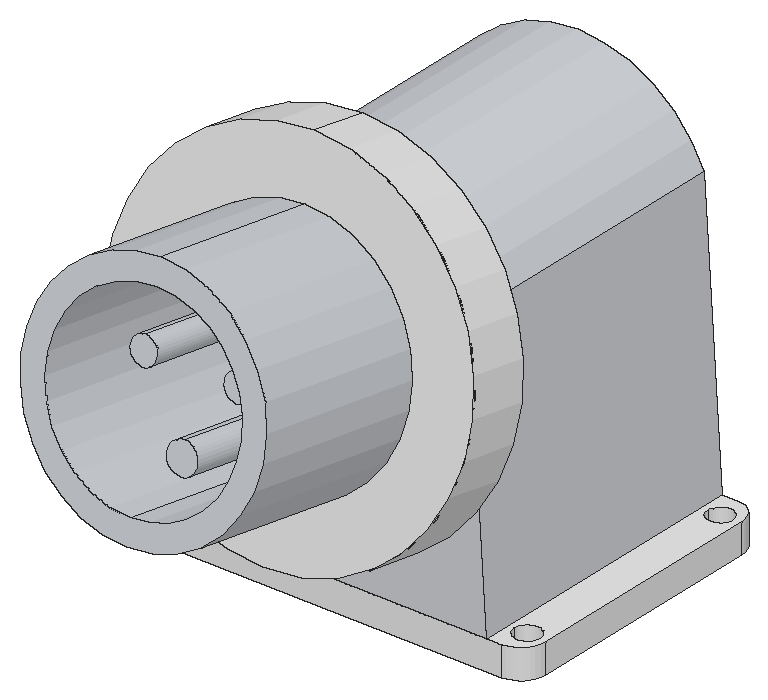
Revit family "Building-IEC309Connections-GEWISS-IEC309HP-90°_SURFACE_MOUNT_INLET_16A_IP67", category Apparecchi elettrici, host Superficie, Revit 2019
Family settings
  Host = Superficie
  Mantenere orientamento annotazione = Sì
  Quota connettore circolare = Usa diametro
  Tipo di parte = Normale
  Taglio con vuoti quando caricato = No
  Condiviso = Sì
  Punto di calcolo locali = Sì
Parameters (values of type "GW60433 - IP67 90°APPL.INLET 3P+N+E 16A 500V 7H")
  simbolo acceso [instance] = yes
  distanza_simbolo [instance] = 1 mm
  distanza dal piano [instance] = 0 mm
  W = 115 mm  # constant formula
  Version file RFA = "21.11"
  URL = "https://www.gewiss.com/ww/en"
  Typology = "90° angled surface mounting inlet"
  Type of wiring = "With screw"
  Total number of operations = "-5000"
  Thermo-pressure with ball = "125 °C (active parts) - 80 °C (passive parts)"
  Terminal tightening capacity = "1-2.5mm² flexible cables - 1.5-4mm² rigid cables"
  Technical sheet = "https://www.gewiss.com/ww/en/search?q=GW60433"
  Spostamento_effettivo_S [instance] = 4000 mm - Spostamento_S  # 3045 mm
  Spostamento_S = 955 mm
  Shock resistance = "IK08"
  SPinotto = Default(2)
  SEO = "Inlet"
  Reference h = "7"
  Realized by GEWISS S.p.A. = ""
  Rated voltage = "480-500V"
  Rated current (A) = "16"
  Default Elevation = 1219.2 mm
  Produttore = "GEWISS S.p.A."
  Piastra = Default(2)
  Permissible overload = "22A"
  Operating temperature: = "-25 +55 °C"
  No. of poles = "3P+N+E"
  Model = "GW60433"
  L = 155 mm  # constant formula
  Insulation resistance = "- 10 M?"
  Immagine tipo = (empty or 0)
  IP degree = "IP67"
  IDT = "2b37e56dcb534f2a9ad3b794fb4abd05"
  IDF = "4b505094-1a96-45af-ade8-f2a5c563468c"
  Glow wire test: = "850 °C (active parts) - 650 °C (passive parts)"
  Frequency = "50/60 Hz"
  FORMULA = 1000 mm * 1  # 1000 mm
  Electrocod = "2230"
  Description = "IP67 90°APPL.INLET 3P+N+E 16A 500V 7H"
  Corpo centrale = Default(2)
  Colour: = "Black"
  Catalogue = "BUILDING"
  COBie.Tagnumber = ""
  COBie.CreatedOn = ""
  COBie.CreatebBy = ""
  COBie.ComponentRegisterItemID = ""
  COBie.Component.TagNumber = ""
  COBie.Component.Space = ""
  COBie.Component.SerialNumber = ""
  COBie.Component.InstallationDate = ""
  COBie.Component.Description = ""
  COBie.Component.BarCode = ""
  Breaking capacity at 1.1 Un = "20A"
  BLOCCO = "B=C"
Types (11, lengths in mm): name | Technical sheet | Reference h | Rated voltage | No. of poles | Model | IDT | Description | Colour:
  GW60423 - IP67 90°APPL.INLET 2P+E 16A 110V 4H | "https://www.gewiss.com/ww/en/search?q=GW60423" | "4" | "100-130V" | "2P+E" | "GW60423" | "f5b44bdc06d542498c993d102d007d02" | "IP67 90°APPL.INLET 2P+E 16A 110V 4H" | "Yellow"
  GW60424 - IP67 90°APPL.INLET 3P+E 16A 110V 4H | "https://www.gewiss.com/ww/en/search?q=GW60424" | "4" | "100-130V" | "3P+E" | "GW60424" | "f4f3f08fc6514442af8cdd7d1aa51c58" | "IP67 90°APPL.INLET 3P+E 16A 110V 4H" | "Yellow"
  GW60425 - IP67 90°APPL.INLET 3P+N+E 16A 110V 4H | "https://www.gewiss.com/ww/en/search?q=GW60425" | "4" | "100-130V" | "3P+N+E" | "GW60425" | "808fd83d4e2c48a3ab33c15e41309be9" | "IP67 90°APPL.INLET 3P+N+E 16A 110V 4H" | "Yellow"
  GW60426 - IP67 90°APPL.INLET 2P+E 16A 230V 6H | "https://www.gewiss.com/ww/en/search?q=GW60426" | "6" | "200-250V" | "2P+E" | "GW60426" | "697b99747c3b4a82aeac98fdcb2f6f41" | "IP67 90°APPL.INLET 2P+E 16A 230V 6H" | "Blue"
  GW60427 - IP67 90°APPL.INLET 3P+E 16A 230V 9H | "https://www.gewiss.com/ww/en/search?q=GW60427" | "9" | "200-250V" | "3P+E" | "GW60427" | "1a9037738b0a4c6fbaa3dfc0945013f8" | "IP67 90°APPL.INLET 3P+E 16A 230V 9H" | "Blue"
  GW60428 - IP67 90°APPL.INLET 3P+N+E 16A 230V 9H | "https://www.gewiss.com/ww/en/search?q=GW60428" | "9" | "200-250V" | "3P+N+E" | "GW60428" | "aec228e1f89b4d9da6fa041c90d4f35f" | "IP67 90°APPL.INLET 3P+N+E 16A 230V 9H" | "Blue"
  GW60429 - IP67 90°APPL.INLET 2P+E 16A 400V 9H | "https://www.gewiss.com/ww/en/search?q=GW60429" | "9" | "380-415V" | "2P+E" | "GW60429" | "f90fa8f5ed0e4f90801fd373c4ebb1a7" | "IP67 90°APPL.INLET 2P+E 16A 400V 9H" | "Red"
  GW60430 - IP67 90°APPL.INLET 3P+E 16A 400V 6H | "https://www.gewiss.com/ww/en/search?q=GW60430" | "6" | "380-415V" | "3P+E" | "GW60430" | "4bc64be7871b402a897f09b18e9db4e9" | "IP67 90°APPL.INLET 3P+E 16A 400V 6H" | "Red"
  GW60431 - IP67 90°APPL.INLET 3P+N+E 16A 400V 6H | "https://www.gewiss.com/ww/en/search?q=GW60431" | "6" | "380-415V" | "3P+N+E" | "GW60431" | "ea6c0d721b564b25be428356c9a25925" | "IP67 90°APPL.INLET 3P+N+E 16A 400V 6H" | "Red"
  GW60432 - IP67 90°APPL.INLET 3P+E 16A 500V 7H | "https://www.gewiss.com/ww/en/search?q=GW60432" | "7" | "480-500V" | "3P+E" | "GW60432" | "ac129e0cc1de47fe8638024a65a71a28" | "IP67 90°APPL.INLET 3P+E 16A 500V 7H" | "Black"
  GW60433 - IP67 90°APPL.INLET 3P+N+E 16A 500V 7H | "https://www.gewiss.com/ww/en/search?q=GW60433" | "7" | "480-500V" | "3P+N+E" | "GW60433" | "2b37e56dcb534f2a9ad3b794fb4abd05" | "IP67 90°APPL.INLET 3P+N+E 16A 500V 7H" | "Black"
Reference planes
  plane 1 "Centro (Fronte/Retro)": y = 0
  plane 2: z = 0
  plane 3 "Centro (Sinistra/Destra)": x = 0
  plane 4: x = -3000
  plane 5: x = 45
  plane 6: z = 0
Dimensions and locks
  plane 4 to plane 3 "Centro (Sinistra/Destra)" = 3000 mm
  "Spostamento_effettivo_S": plane 4 to plane 5
  "distanza dal piano": plane 6 to plane 2
  aligned and locked: plane 2 to host face
  aligned and locked: level to host face
  aligned and locked: plane 3 "Centro (Sinistra/Destra)" to nested 1
  aligned and locked: plane 1 "Centro (Fronte/Retro)" to nested 1
  aligned and locked: nested 2 to plane 5
  aligned and locked: nested 1 to host face
Automatic sketch dimensions
  host sketch curve to host sketch curve = 2438.4 mm  (x2)
Nested families
  nested 1: "IEC309 SPINE FISSE PARETE 90° 16A IP67_base" at (0, 0, 0), type "IEC309 SPINE FISSE PARETE 90° 16A IP67_base"
  nested 2: "simbolo_circuito_GW60201" at (45, 171.559, 0), visible <- "simbolo acceso", Distanza dal muro <- "distanza_simbolo", type "3P"
    with SIMBOLO ACCESO yes, Distanza dal muro 1 mm
Connectors
  electrical at (37.5, 30, 0)
    settings: on nested 1, index 1, voltage 0 V, apparent load 0 VA, apparent load phase1 0 VA, apparent load phase2 0 VA, apparent load phase3 0 VA, power factor 1, load classification "Altro", number of poles 1, system type 31, power factor state 1, is connector primary yes, connector utility no, sub classification motor no, connector description ""
Definition of nested family "IEC309 SPINE FISSE PARETE 90° 16A IP67_base"
  Parameters (values of type "IEC309 SPINE FISSE PARETE 90° 16A IP67_base")
    sp_ghiera = 16 mm
    h = 60 mm
    dis_base = 71 mm
    Spinotto = none
    PIASTRA = none
    Lunghezza totale = 140 mm
    CENTRALE = none
    Bsae = 75 mm
  Reference planes
    plane 1 "Centro (Fronte/Retro)": y = 0
    plane 2: z = 0
    plane 3 "Centro (Sinistra/Destra)": x = 0
    plane 4 "EEE": through (4267.2, -291.041, 143.375) normal (0, -0.788, -0.6157)
    plane 5: x = 48
    plane 6: x = 75
    plane 7: y = 60
    plane 8: z = 6
    plane 9: y = 54.607
    plane 10: y = 5.392
    plane 11: x = 37.5
    plane 12: y = 30
    plane 13: through (4267.2, -43.825, 42.63) normal (0, 0.1727, 0.985)
    plane 14: x = 4.026
    plane 15: x = 70.974
  Forms (mm)
    Extrusion 1, solid, material <- "PIASTRA"
      sketch origin (0, 0, 0) x (1, 0, 0) y (0, 1, 0)
        loop
          arc (5, 60) -> (1.464, 58.536) -> (0, 55) r 5
          line (0, 55) -> (0, 5)
          arc (0, 5) -> (1.464, 1.464) -> (5, 0) r 5
          line (5, 0) -> (70, 0)
          arc (70, 0) -> (73.536, 1.464) -> (75, 5) r 5
          line (75, 5) -> (75, 55)
          arc (75, 55) -> (73.536, 58.536) -> (70, 60) r 5
          line (70, 60) -> (5, 60)
      from 0 to 6
    Extrusion 2, void
      sketch origin (0, 0, 0) x (1, 0, 0) y (0, 1, 0)
        loop
          circle (4.026, 54.607) r 2.665
        loop
          circle (70.974, 54.607) r 2.602
        loop
          circle (70.974, 5.392) r 2.692
        loop
          circle (4.026, 5.392) r 2.603
      from 0 to 6
    Extrusion 3, solid
      sketch origin (0, 0, 0) x (1, 0, 0) y (0, 0, 1)
        loop
          line (7.941, 6) -> (67.059, 6) -> (63.313, 63.775)
          arc (63.313, 63.775) -> (37.546, 80.818) -> (11.695, 63.902) r 28.105
          line (11.695, 63.902) -> (7.941, 6)
      from -60 to 0
    Sweep 4, solid
      path origin (0, -3.798, -2.5) x (0, 1, 0) y (0, 0, 1)
        loop
          line (-46.897, 63.702) -> (29.449, 50.32)
      profile origin (0, -12.522, 54.511) x (0, 0.17265, 0.984983) y (1, 0, 0)
        loop
          circle (0, 37.5) r 25
        loop
          circle (0, 37.5) r 20
    Sweep 5, solid
      path origin (0, 0, 1.111) x (0, 1, 0) y (0, 0, 1)
        loop
          line (-13.781, 53.62) -> (-1.383, 51.447)
      profile origin (0, -7.582, 53.645) x (0, 0.17265, 0.984983) y (1, 0, 0)
        loop
          circle (0, 37.5) r 37.67
        loop
          circle (0, 37.5) r 25
    Sweep 6, solid
      path origin (38.125, 0, 4.91) x (0, 1, 0) y (0, 0, 1)
        loop
          line (-41.579, 42.236) -> (0, 34.948)
      profile origin (38.125, -20.79, 43.502) x (0, 0.17265, 0.984983) y (1, 0, 0)
        loop
          circle (0, 0) r 3.2
    Sweep 7, solid
      path origin (47.722, 0, 20.668) x (0, 1, 0) y (0, 0, 1)
        loop
          line (-39.399, 41.854) -> (0, 34.948)
      profile origin (47.722, -19.7, 59.069) x (0, 0.17265, 0.984983) y (1, 0, 0)
        loop
          circle (0, 0) r 2.8
    Sweep 8, solid
      path origin (28.528, 0, 20.668) x (0, 1, 0) y (0, 0, -1)
        loop
          line (-39.399, -41.854) -> (0, -34.948)
      profile origin (28.528, -19.7, 59.069) x (0, -0.17265, -0.984983) y (-1, 0, 0)
        loop
          circle (0, 0) r 2.8
  Cuts and joins
    Extrusion 2 cuts Extrusion 1
    joined: Extrusion 3, Sweep 4, Sweep 6
  Lines and regions (mm)
    symbolic lines
      curve 1: line (265.256, 320.85, 0) -> (277.43, 320.85, 0)
  Dimensions and locks
    "Bsae": plane 3 "Centro (Sinistra/Destra)" to plane 6
    "h": plane 1 "Centro (Fronte/Retro)" to plane 7
    plane 8 to level = 6 mm
    locked: plane 1 "Centro (Fronte/Retro)" to plane 10 at 5.392
    equal spacing: plane 3 "Centro (Sinistra/Destra)", plane 11, plane 6
    locked: plane 7 to plane 9 at 5.393
    equal spacing: plane 1 "Centro (Fronte/Retro)", plane 12, plane 7
    locked: plane 8 to plane 2 at 6
    locked: plane 3 "Centro (Sinistra/Destra)" to plane 14 at 4.026
    locked: plane 15 to plane 6 at 4.026
    radius of Extrusion 1 sketch curve = 5 mm  (x4)
    aligned and locked: level to plane 2
    aligned and locked: Extrusion 1 to level
    aligned and locked: plane 8 to Extrusion 1
    aligned and locked: Extrusion 2 to level
    aligned and locked: plane 8 to Extrusion 2
    aligned and locked: cut or joined group of Extrusion 3, Sweep 4, Sweep 6 to plane 8
    aligned and locked: plane 11 to Sweep 4 sketch curve  (x2)
    aligned and locked: plane 11 to Sweep 5 sketch curve  (x2)
    aligned and locked: plane 14 to Extrusion 2 sketch curve  (x2)
    aligned and locked: plane 15 to Extrusion 2 sketch curve  (x2)
    aligned and locked: plane 7 to Extrusion 3
  Automatic sketch dimensions
    curve 1 to plane 6 = 190.256 mm
    plane 7 to curve 1 = 260.85 mm
    curve 1 to curve 1 = 12.174 mm
    Extrusion 1 sketch curve to plane 3 "Centro (Sinistra/Destra)" = 0 mm
    Extrusion 1 sketch curve to plane 7 = 0 mm
    plane 1 "Centro (Fronte/Retro)" to Extrusion 1 sketch curve = 0 mm
    Extrusion 1 sketch curve to plane 6 = 0 mm
    plane 10 to Extrusion 2 sketch curve = 0 mm
    Extrusion 2 sketch curve to plane 10 = 0 mm
    plane 9 to Extrusion 2 sketch curve = 0 mm
    Extrusion 2 sketch curve to plane 9 = 0 mm
    Extrusion 3 sketch curve to plane 8 = 0 mm
    Extrusion 3 sketch curve to plane 11 = 0.023 mm
    plane 14 to Extrusion 3 sketch curve = 7.669 mm
    plane 14 to Extrusion 3 sketch curve = 3.915 mm
    plane 15 to Extrusion 3 sketch curve = 7.661 mm
    plane 15 to Extrusion 3 sketch curve = 3.915 mm
    plane 8 to Extrusion 3 sketch curve = 46.713 mm
    Extrusion 3 sketch curve to Extrusion 3 sketch curve = 11.189 mm
    Sweep 4 sketch curve to Sweep 4 sketch curve = 0 mm
    Sweep 4 sketch curve to profile plane = 0 mm
    Sweep 6 sketch curve to plane 1 "Centro (Fronte/Retro)" = 0 mm
    plane 8 to Sweep 6 sketch curve = 33.858 mm
    plane 1 "Centro (Fronte/Retro)" to Sweep 6 sketch curve = 41.579 mm
    plane 8 to Sweep 6 sketch curve = 41.146 mm
    Sweep 6 sketch curve to profile plane = 0 mm  (x2)
    Sweep 7 sketch curve to plane 1 "Centro (Fronte/Retro)" = 0 mm
    plane 8 to Sweep 7 sketch curve = 49.616 mm
    plane 1 "Centro (Fronte/Retro)" to Sweep 7 sketch curve = 39.399 mm
    Sweep 7 sketch curve to Sweep 7 sketch curve = 6.906 mm
    Sweep 7 sketch curve to profile plane = 0 mm  (x2)
    Sweep 8 sketch curve to plane 1 "Centro (Fronte/Retro)" = 0 mm
    plane 8 to Sweep 8 sketch curve = 56.522 mm
    plane 1 "Centro (Fronte/Retro)" to Sweep 8 sketch curve = 39.399 mm
    Sweep 8 sketch curve to Sweep 8 sketch curve = 6.906 mm
    profile plane to Sweep 8 sketch curve = 0 mm
    Sweep 8 sketch curve to profile plane = 0 mm
    plane 8 to Sweep 4 sketch curve = 55.202 mm
    Sweep 4 sketch curve to plane 12 = 4.349 mm
    plane 8 to Sweep 4 sketch curve = 41.82 mm
    plane 1 "Centro (Fronte/Retro)" to Sweep 4 sketch curve = 50.696 mm
    plane 1 "Centro (Fronte/Retro)" to Sweep 5 sketch curve = 13.781 mm
    plane 1 "Centro (Fronte/Retro)" to Sweep 5 sketch curve = 1.383 mm
    plane 8 to Sweep 5 sketch curve = 46.558 mm
    Sweep 5 sketch curve to Sweep 5 sketch curve = 2.173 mm
    Sweep 5 sketch curve to Sweep 5 sketch curve = 0 mm
    Sweep 5 sketch curve to profile plane = 0 mm
    radius of Extrusion 2 sketch curve = 2.665 mm
    radius of Extrusion 2 sketch curve = 2.602 mm
    radius of Extrusion 2 sketch curve = 2.692 mm
    radius of Extrusion 2 sketch curve = 2.603 mm
    radius of Sweep 4 sketch curve = 25 mm
    radius of Sweep 4 sketch curve = 20 mm
    radius of Sweep 6 sketch curve = 3.2 mm
    radius of Sweep 7 sketch curve = 2.8 mm
    radius of Sweep 8 sketch curve = 2.8 mm
    radius of Sweep 5 sketch curve = 37.67 mm
    radius of Sweep 5 sketch curve = 25 mm
Definition of nested family "simbolo_circuito_GW60201"
  Parameters (values of type "3P")
    SIMBOLO ACCESO [instance] = yes
    Distanza dal muro [instance] = 0 mm
  Reference planes
    plane 1: y = 0
    plane 2: x = 0
  Dimensions and locks
    "Distanza dal muro": plane 1 to nested 1
    aligned and locked: plane 2 to nested 1
  Nested families
    nested 1: "simbolo_circuito_GW60201_base" at (0, 0, 0), visible <- "SIMBOLO ACCESO", type "3P"
      with CORNICE SIMBOLO yes
  Definition of nested family "simbolo_circuito_GW60201_base"
    Parameters (values of type "3P")
      CORNICE SIMBOLO [instance] = yes
      3P = yes
    Types (2, lengths in mm): name | 3P
      3P | yes
      2P | no
    Reference planes
      plane 1: y = 0
      plane 2: x = 0
    Lines and regions (mm)
      detail lines
        curve 1: arc (0.298, 0.46, 0) -> (0, 0.758, 0) -> (-0.298, 0.46, 0) r 0.298
        curve 2: arc (0.139, 0.652, 0) -> (0, 0.731, 0) -> (-0.139, 0.652, 0) r 0.163
        curve 3: arc (-0.139, 0.106, 0) -> (0, 0.027, 0) -> (0.139, 0.106, 0) r 0.163
        curve 4: circle (0, 2.381, 0) r 0.05 normal (0, 0, 1)
        curve 5: line (0, 3.386, 0) -> (0, 0.758, 0)
        curve 6: line (-0.139, 0.652, 0) -> (-0.139, 0.106, 0)
        curve 7: line (0.139, 0.652, 0) -> (0.139, 0.106, 0)
      detail lines, not visible
        curve 8: arc (2.679, 0.46, 0) -> (2.381, 0.758, 0) -> (2.083, 0.46, 0) r 0.298
        curve 9: arc (2.52, 0.652, 0) -> (2.381, 0.731, 0) -> (2.241, 0.652, 0) r 0.163
        curve 10: arc (2.241, 0.106, 0) -> (2.381, 0.027, 0) -> (2.52, 0.106, 0) r 0.163
        curve 11: circle (2.381, 2.381, 0) r 0.05 normal (0, 0, 1)
        curve 12: line (2.381, 3.386, 0) -> (2.381, 0.758, 0)
        curve 13: line (2.241, 0.652, 0) -> (2.241, 0.106, 0)
        curve 14: line (2.52, 0.652, 0) -> (2.52, 0.106, 0)
